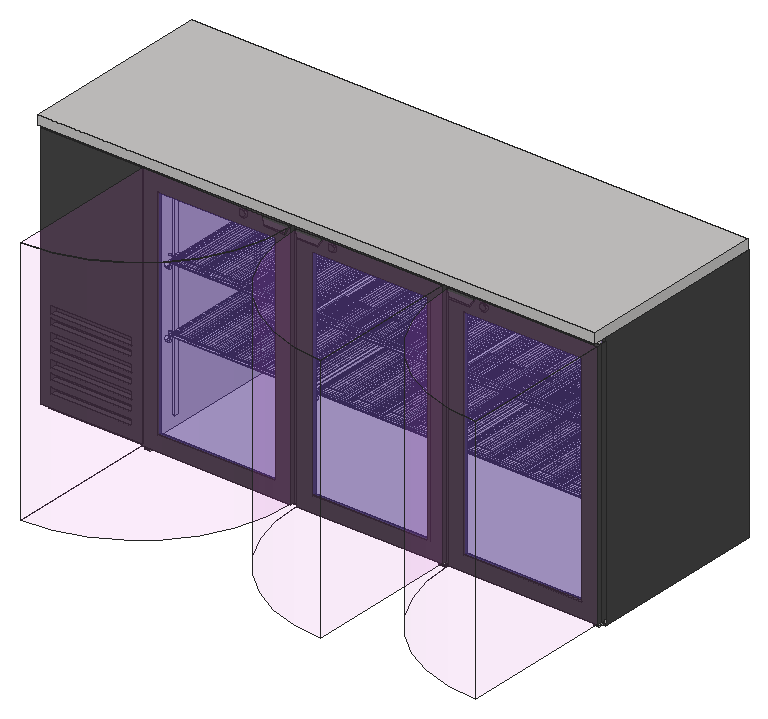
Revit family "QF_True_TBB24-72-3G-Z1-BST-S-1_Glass_Swing_Door_Back_Bar", category Specialty Equipment, Revit 2021 (continued)
Definition of nested family "TBB24-72-3G-Z1-BST-B-1"
  Automatic sketch dimensions
    curve 9 to plane 7 "Center Y" = 0.37284"
    plane 7 "Center Y" to curve 15 = 0.63781"
    curve 5 to plane 10 = 0.02167"
    plane 13 to curve 5 = 0.04608"
    curve 18 to plane 13 = 1.19595"
    curve 10 to plane 13 = 2.94502"
    curve 17 to curve 19 = 2.67214"
    curve 6 to plane 10 = 0.02167"
    plane 4 "RIGHT" to curve 6 = 0.05741"
    plane 5 "FRONT" to curve 9 = 8.9955"
    plane 5 "FRONT" to curve 10 = 9.16144"
    curve 7 to curve 5 = 0.50779"
    plane 10 to curve 4 = 0.01931"
    curve 11 to curve 11 = 15/32"
    curve 5 to curve 14 = 0.35218"
    curve 9 to curve 5 = 0.32483"
    curve 6 to curve 17 = 0.35942"
    radius of Extrusion 49 sketch curve = 0.03267"
    radius of Extrusion 50 sketch curve = 0.03267"
    radius of Extrusion 51 sketch curve = 0.03267"
    radius of Extrusion 52 sketch curve = 0.03267"
    radius of Extrusion 53 sketch curve = 0.03267"
    radius of Extrusion 54 sketch curve = 0.03267"
    radius of Extrusion 55 sketch curve = 0.03267"
    radius of Extrusion 56 sketch curve = 0.03267"
    radius of Extrusion 57 sketch curve = 0.03267"
    radius of Extrusion 58 sketch curve = 0.03267"
    radius of Extrusion 59 sketch curve = 0.03267"
    radius of Extrusion 60 sketch curve = 0.03267"
    radius of Extrusion 61 sketch curve = 0.03267"
    radius of Extrusion 62 sketch curve = 0.03267"
    radius of Extrusion 63 sketch curve = 0.03267"
    radius of Extrusion 64 sketch curve = 0.03267"
    radius of Extrusion 65 sketch curve = 0.03267"
    radius of Extrusion 66 sketch curve = 0.03267"
    radius of Extrusion 67 sketch curve = 0.03267"
    radius of Extrusion 68 sketch curve = 0.03267"
    radius of Extrusion 69 sketch curve = 0.03267"
    radius of Extrusion 70 sketch curve = 0.03267"
    radius of Extrusion 71 sketch curve = 0.03267"
    radius of Extrusion 72 sketch curve = 0.03267"
    radius of Extrusion 73 sketch curve = 0.03267"
    radius of Extrusion 74 sketch curve = 0.03267"
    radius of Extrusion 75 sketch curve = 0.03267"
    radius of Extrusion 76 sketch curve = 0.03267"
    radius of Extrusion 77 sketch curve = 0.03267"
    radius of Extrusion 78 sketch curve = 0.03267"
    radius of Extrusion 79 sketch curve = 0.03267"
    radius of Extrusion 80 sketch curve = 0.03267"
    radius of Extrusion 81 sketch curve = 0.03267"
    radius of Extrusion 82 sketch curve = 0.03267"
    radius of Extrusion 83 sketch curve = 0.03267"
    radius of Extrusion 84 sketch curve = 0.03267"
    radius of Extrusion 85 sketch curve = 0.03267"
    radius of Extrusion 86 sketch curve = 0.03267"
    radius of Extrusion 87 sketch curve = 0.03267"
    radius of Extrusion 88 sketch curve = 0.03267"
    radius of Extrusion 89 sketch curve = 0.03267"
    radius of Extrusion 90 sketch curve = 0.03267"
    radius of Extrusion 91 sketch curve = 0.03267"
    radius of Extrusion 92 sketch curve = 0.03267"
    radius of Extrusion 93 sketch curve = 0.03267"
    radius of Extrusion 94 sketch curve = 0.03267"
    radius of Extrusion 95 sketch curve = 0.03267"
    radius of Extrusion 96 sketch curve = 0.03267"
    radius of Extrusion 97 sketch curve = 0.03267"
    radius of Extrusion 98 sketch curve = 0.03267"
    radius of Extrusion 99 sketch curve = 0.03267"  (x2)
    radius of Extrusion 100 sketch curve = 0.03267"  (x2)
    radius of Extrusion 101 sketch curve = 0.03267"  (x2)
    radius of Extrusion 102 sketch curve = 0.03267"  (x2)
    radius of Extrusion 103 sketch curve = 0.03267"  (x2)
    radius of Extrusion 104 sketch curve = 0.03267"  (x2)
    radius of Extrusion 105 sketch curve = 0.03267"  (x2)
    radius of Extrusion 106 sketch curve = 0.03267"  (x2)
    radius of Extrusion 107 sketch curve = 0.03267"  (x2)
    radius of Extrusion 108 sketch curve = 0.03267"  (x2)
    radius of Extrusion 109 sketch curve = 0.03267"  (x2)
    radius of Extrusion 110 sketch curve = 0.03267"  (x2)
    radius of Extrusion 111 sketch curve = 0.03267"  (x2)
    radius of Extrusion 112 sketch curve = 0.03267"  (x2)
    radius of Extrusion 113 sketch curve = 0.03267"  (x2)
    radius of Extrusion 114 sketch curve = 0.03267"  (x2)
    radius of Extrusion 115 sketch curve = 0.03267"  (x2)
    radius of Extrusion 116 sketch curve = 0.03267"  (x2)
    radius of Extrusion 117 sketch curve = 0.03267"  (x2)
    radius of Extrusion 118 sketch curve = 0.03267"  (x2)
    radius of Extrusion 119 sketch curve = 0.03267"  (x2)
    radius of Extrusion 120 sketch curve = 0.03267"  (x2)
    radius of Extrusion 121 sketch curve = 0.03267"  (x2)
    radius of Extrusion 122 sketch curve = 0.03267"  (x2)
    radius of Extrusion 123 sketch curve = 0.03267"  (x2)
    radius of Extrusion 124 sketch curve = 0.03267"  (x2)
    radius of Extrusion 125 sketch curve = 0.03267"  (x2)
    radius of Extrusion 126 sketch curve = 0.03267"  (x2)
    radius of Extrusion 127 sketch curve = 0.03267"  (x2)
    radius of Extrusion 128 sketch curve = 0.03267"  (x2)
    radius of Extrusion 129 sketch curve = 0.03267"  (x2)
    radius of Extrusion 130 sketch curve = 0.03267"  (x2)
    radius of Extrusion 131 sketch curve = 0.03267"  (x2)
    radius of Extrusion 132 sketch curve = 0.03267"  (x2)
    radius of Extrusion 133 sketch curve = 0.03267"  (x2)
    radius of Extrusion 134 sketch curve = 0.03267"  (x2)
    radius of Extrusion 135 sketch curve = 0.03267"  (x2)
    radius of Extrusion 136 sketch curve = 0.03267"  (x2)
    radius of Extrusion 137 sketch curve = 0.03267"  (x2)
    radius of Extrusion 138 sketch curve = 0.03267"  (x2)
    radius of Extrusion 139 sketch curve = 0.03267"  (x2)
    radius of Extrusion 140 sketch curve = 0.03267"  (x2)
    radius of Extrusion 141 sketch curve = 0.03267"  (x2)
    radius of Extrusion 142 sketch curve = 0.03267"  (x2)
    radius of Extrusion 143 sketch curve = 0.03267"  (x2)
    radius of Extrusion 144 sketch curve = 0.03267"  (x2)
    radius of Extrusion 145 sketch curve = 0.03267"  (x2)
    radius of Extrusion 146 sketch curve = 0.03267"  (x2)
    radius of Extrusion 147 sketch curve = 0.03267"  (x2)
    radius of Extrusion 148 sketch curve = 0.03267"  (x2)
    radius of Extrusion 149 sketch curve = 0.03267"  (x2)
    radius of Extrusion 150 sketch curve = 0.03267"  (x2)
    radius of Extrusion 151 sketch curve = 0.03267"  (x2)
    radius of Extrusion 152 sketch curve = 0.03267"  (x2)
    radius of Extrusion 153 sketch curve = 0.03267"  (x2)
    radius of Extrusion 154 sketch curve = 0.03267"  (x2)
    radius of Extrusion 155 sketch curve = 0.03267"  (x2)
    radius of Extrusion 156 sketch curve = 0.03267"  (x2)
    radius of Extrusion 157 sketch curve = 0.03267"  (x2)
    radius of Extrusion 158 sketch curve = 0.03267"  (x2)
    radius of Extrusion 159 sketch curve = 0.03267"  (x2)
    radius of Extrusion 160 sketch curve = 0.03267"  (x2)
    radius of Extrusion 161 sketch curve = 0.03267"  (x2)
    radius of Extrusion 162 sketch curve = 0.03267"  (x2)
    radius of Extrusion 163 sketch curve = 0.03267"  (x2)
    radius of Extrusion 164 sketch curve = 0.03267"  (x2)
    radius of Extrusion 165 sketch curve = 0.03267"  (x2)
    radius of Extrusion 166 sketch curve = 0.03267"  (x2)
    radius of Extrusion 167 sketch curve = 0.03267"  (x2)
    radius of Extrusion 168 sketch curve = 0.03267"  (x2)
    radius of Extrusion 169 sketch curve = 0.03267"  (x2)
    radius of Extrusion 170 sketch curve = 0.03267"  (x2)
    radius of Extrusion 171 sketch curve = 0.03267"  (x2)
    radius of Extrusion 172 sketch curve = 0.03267"  (x2)
    radius of Extrusion 173 sketch curve = 0.03267"  (x2)
    radius of Extrusion 174 sketch curve = 0.03267"  (x2)
    radius of Extrusion 175 sketch curve = 0.03267"  (x2)
    radius of Extrusion 176 sketch curve = 0.03267"  (x2)
    radius of Extrusion 177 sketch curve = 0.03267"  (x2)
    radius of Extrusion 178 sketch curve = 0.03267"  (x2)
    radius of Extrusion 179 sketch curve = 0.03267"  (x2)
    radius of Extrusion 180 sketch curve = 0.03267"  (x2)
    radius of Extrusion 181 sketch curve = 0.03267"  (x2)
    radius of Extrusion 182 sketch curve = 0.03267"  (x2)
    radius of Extrusion 183 sketch curve = 0.03267"  (x2)
    radius of Extrusion 184 sketch curve = 0.03267"  (x2)
    radius of Extrusion 185 sketch curve = 0.03267"  (x2)
    radius of Extrusion 186 sketch curve = 0.03267"  (x2)
    radius of Extrusion 187 sketch curve = 0.03267"  (x2)
    radius of Extrusion 188 sketch curve = 0.03267"  (x2)
    radius of Extrusion 189 sketch curve = 0.03267"  (x2)
    radius of Extrusion 190 sketch curve = 0.03267"  (x2)
    radius of Extrusion 191 sketch curve = 0.03267"  (x2)
    radius of Extrusion 192 sketch curve = 0.03267"  (x2)
    radius of Extrusion 193 sketch curve = 0.03267"  (x2)
    radius of Extrusion 194 sketch curve = 0.03267"  (x2)
    radius of Extrusion 195 sketch curve = 0.03267"  (x2)
    radius of Extrusion 196 sketch curve = 0.03267"  (x2)
    radius of Extrusion 197 sketch curve = 0.03267"  (x2)
    radius of Extrusion 198 sketch curve = 0.03267"  (x2)
    radius of Extrusion 199 sketch curve = 0.03267"  (x2)
    radius of Extrusion 200 sketch curve = 0.03267"  (x2)
    radius of Extrusion 201 sketch curve = 0.03267"  (x2)
    radius of Extrusion 202 sketch curve = 0.03267"  (x2)
    radius of Extrusion 203 sketch curve = 0.03267"  (x2)
    radius of Extrusion 204 sketch curve = 0.03267"  (x2)
    radius of Extrusion 205 sketch curve = 0.03267"  (x2)
    radius of Extrusion 206 sketch curve = 0.03267"  (x2)
    radius of Extrusion 207 sketch curve = 0.03267"  (x2)
    radius of Extrusion 208 sketch curve = 0.03267"  (x2)
    radius of Extrusion 209 sketch curve = 0.03267"  (x2)
    radius of Extrusion 210 sketch curve = 0.03267"  (x2)
    radius of Extrusion 211 sketch curve = 0.03267"  (x2)
    radius of Extrusion 212 sketch curve = 0.03267"  (x2)
    radius of Extrusion 213 sketch curve = 0.03267"  (x2)
    radius of Extrusion 214 sketch curve = 0.03267"  (x2)
    radius of Extrusion 215 sketch curve = 0.03267"  (x2)
    radius of Extrusion 216 sketch curve = 0.03267"  (x2)
    radius of Extrusion 217 sketch curve = 0.03267"  (x2)
    radius of Extrusion 218 sketch curve = 0.03267"  (x2)
    radius of Extrusion 219 sketch curve = 0.03267"  (x2)
    radius of Extrusion 220 sketch curve = 0.03267"  (x2)
    radius of Extrusion 221 sketch curve = 0.03267"  (x2)
    radius of Extrusion 222 sketch curve = 0.03267"  (x2)
    radius of Extrusion 223 sketch curve = 0.03267"  (x2)
    radius of Extrusion 224 sketch curve = 0.03267"  (x2)
    radius of Extrusion 225 sketch curve = 0.03267"  (x2)
    radius of Extrusion 226 sketch curve = 0.03267"  (x2)
    radius of Extrusion 227 sketch curve = 0.03267"  (x2)
    radius of Extrusion 228 sketch curve = 0.03267"  (x2)
    radius of Extrusion 229 sketch curve = 0.03267"  (x2)
    radius of Extrusion 230 sketch curve = 0.03267"  (x2)
    radius of Extrusion 231 sketch curve = 0.03267"  (x2)
    radius of Extrusion 232 sketch curve = 0.03267"  (x2)
    radius of Extrusion 233 sketch curve = 0.03267"  (x2)
    radius of Extrusion 234 sketch curve = 0.03267"  (x2)
    radius of Extrusion 235 sketch curve = 0.03267"  (x2)
    radius of Extrusion 236 sketch curve = 0.03267"  (x2)
    radius of Extrusion 237 sketch curve = 0.03267"  (x2)
    radius of Extrusion 238 sketch curve = 0.03267"  (x2)
    radius of Extrusion 239 sketch curve = 0.03267"  (x2)
    radius of Extrusion 240 sketch curve = 0.03267"  (x2)
    radius of Extrusion 241 sketch curve = 0.03267"  (x2)
    radius of Extrusion 242 sketch curve = 0.03267"  (x2)
    radius of Extrusion 243 sketch curve = 0.03267"  (x2)
    radius of Extrusion 244 sketch curve = 0.03267"  (x2)
    radius of Extrusion 245 sketch curve = 0.03267"  (x2)
    radius of Extrusion 246 sketch curve = 0.03267"  (x2)
    radius of Extrusion 247 sketch curve = 0.03267"  (x2)
    radius of Extrusion 248 sketch curve = 0.03267"  (x2)
    radius of Extrusion 249 sketch curve = 0.03267"  (x2)
    radius of Extrusion 250 sketch curve = 0.03267"
    radius of Extrusion 299 sketch curve = 0.03267"  (x3)
    radius of Extrusion 300 sketch curve = 0.03267"  (x2)
    radius of Extrusion 348 sketch curve = 0.03267"  (x2)
    radius of Extrusion 251 sketch curve = 0.03267"
    radius of Extrusion 301 sketch curve = 0.03267"  (x2)
    radius of Extrusion 252 sketch curve = 0.03267"
    radius of Extrusion 302 sketch curve = 0.03267"  (x2)
    radius of Extrusion 253 sketch curve = 0.03267"
    radius of Extrusion 303 sketch curve = 0.03267"  (x2)
    radius of Extrusion 254 sketch curve = 0.03267"
    radius of Extrusion 304 sketch curve = 0.03267"  (x2)
    radius of Extrusion 255 sketch curve = 0.03267"
    radius of Extrusion 305 sketch curve = 0.03267"  (x2)
    radius of Extrusion 256 sketch curve = 0.03267"
    radius of Extrusion 306 sketch curve = 0.03267"  (x2)
    radius of Extrusion 257 sketch curve = 0.03267"
    radius of Extrusion 307 sketch curve = 0.03267"  (x2)
    radius of Extrusion 258 sketch curve = 0.03267"
    radius of Extrusion 308 sketch curve = 0.03267"  (x2)
    radius of Extrusion 259 sketch curve = 0.03267"
    radius of Extrusion 309 sketch curve = 0.03267"  (x2)
    radius of Extrusion 260 sketch curve = 0.03267"
    radius of Extrusion 310 sketch curve = 0.03267"  (x2)
    radius of Extrusion 261 sketch curve = 0.03267"
    radius of Extrusion 311 sketch curve = 0.03267"  (x2)
    radius of Extrusion 262 sketch curve = 0.03267"
    radius of Extrusion 312 sketch curve = 0.03267"  (x2)
    radius of Extrusion 263 sketch curve = 0.03267"
    radius of Extrusion 313 sketch curve = 0.03267"  (x2)
    radius of Extrusion 264 sketch curve = 0.03267"
    radius of Extrusion 314 sketch curve = 0.03267"  (x2)
    radius of Extrusion 265 sketch curve = 0.03267"
    radius of Extrusion 315 sketch curve = 0.03267"  (x2)
    radius of Extrusion 266 sketch curve = 0.03267"
    radius of Extrusion 316 sketch curve = 0.03267"  (x2)
    radius of Extrusion 267 sketch curve = 0.03267"
    radius of Extrusion 317 sketch curve = 0.03267"  (x2)
    radius of Extrusion 268 sketch curve = 0.03267"
    radius of Extrusion 318 sketch curve = 0.03267"  (x2)
    radius of Extrusion 269 sketch curve = 0.03267"
    radius of Extrusion 319 sketch curve = 0.03267"  (x2)
    radius of Extrusion 270 sketch curve = 0.03267"
    radius of Extrusion 320 sketch curve = 0.03267"  (x2)
    radius of Extrusion 271 sketch curve = 0.03267"
    radius of Extrusion 321 sketch curve = 0.03267"  (x2)
    radius of Extrusion 272 sketch curve = 0.03267"
    radius of Extrusion 322 sketch curve = 0.03267"  (x2)
    radius of Extrusion 273 sketch curve = 0.03267"
    radius of Extrusion 323 sketch curve = 0.03267"  (x2)
    radius of Extrusion 274 sketch curve = 0.03267"
    radius of Extrusion 324 sketch curve = 0.03267"  (x2)
    radius of Extrusion 275 sketch curve = 0.03267"
    radius of Extrusion 325 sketch curve = 0.03267"  (x2)
    radius of Extrusion 276 sketch curve = 0.03267"
    radius of Extrusion 326 sketch curve = 0.03267"  (x2)
    radius of Extrusion 277 sketch curve = 0.03267"
    radius of Extrusion 327 sketch curve = 0.03267"  (x2)
    radius of Extrusion 278 sketch curve = 0.03267"
    radius of Extrusion 328 sketch curve = 0.03267"  (x2)
    radius of Extrusion 279 sketch curve = 0.03267"
    radius of Extrusion 329 sketch curve = 0.03267"  (x2)
    radius of Extrusion 280 sketch curve = 0.03267"
    radius of Extrusion 330 sketch curve = 0.03267"  (x2)
    radius of Extrusion 281 sketch curve = 0.03267"
    radius of Extrusion 331 sketch curve = 0.03267"  (x2)
    radius of Extrusion 282 sketch curve = 0.03267"
    radius of Extrusion 332 sketch curve = 0.03267"  (x2)
    radius of Extrusion 283 sketch curve = 0.03267"
    radius of Extrusion 333 sketch curve = 0.03267"  (x2)
    radius of Extrusion 284 sketch curve = 0.03267"
    radius of Extrusion 334 sketch curve = 0.03267"  (x2)
    radius of Extrusion 285 sketch curve = 0.03267"
    radius of Extrusion 335 sketch curve = 0.03267"  (x2)
    radius of Extrusion 286 sketch curve = 0.03267"
    radius of Extrusion 336 sketch curve = 0.03267"  (x2)
    radius of Extrusion 287 sketch curve = 0.03267"
    radius of Extrusion 337 sketch curve = 0.03267"  (x2)
    radius of Extrusion 288 sketch curve = 0.03267"
    radius of Extrusion 338 sketch curve = 0.03267"  (x2)
    radius of Extrusion 289 sketch curve = 0.03267"
    radius of Extrusion 339 sketch curve = 0.03267"  (x2)
    radius of Extrusion 290 sketch curve = 0.03267"
    radius of Extrusion 340 sketch curve = 0.03267"  (x2)
    radius of Extrusion 291 sketch curve = 0.03267"
    radius of Extrusion 341 sketch curve = 0.03267"  (x2)
    radius of Extrusion 292 sketch curve = 0.03267"
    radius of Extrusion 342 sketch curve = 0.03267"  (x2)
    radius of Extrusion 293 sketch curve = 0.03267"
    radius of Extrusion 343 sketch curve = 0.03267"  (x2)
    radius of Extrusion 294 sketch curve = 0.03267"
    radius of Extrusion 344 sketch curve = 0.03267"  (x2)
    radius of Extrusion 295 sketch curve = 0.03267"
    radius of Extrusion 345 sketch curve = 0.03267"  (x2)
    radius of Extrusion 296 sketch curve = 0.03267"
    radius of Extrusion 346 sketch curve = 0.03267"  (x2)
    radius of Extrusion 297 sketch curve = 0.03267"
    radius of Extrusion 347 sketch curve = 0.03267"  (x2)
    radius of Extrusion 298 sketch curve = 0.03267"
    radius of Extrusion 7 sketch curve = 1/2"
    radius of Blend 12 sketch curve = 1/2"
    radius of Blend 12 sketch curve = 0.39938"
    radius of Blend 13 sketch curve = 1/2"
    radius of Blend 13 sketch curve = 0.39938"
    radius of Extrusion 16 sketch curve = 1/4"  (x3)
    radius of Extrusion 17 sketch curve = 1/4"  (x3)
    radius of Sweep 20 sketch curve = 0.14183"
    radius of Sweep 33 sketch curve = 0.14183"
    radius of Extrusion 34 sketch curve = 0.05462"
    radius of Extrusion 35 sketch curve = 0.05462"
    radius of Extrusion 36 sketch curve = 0.05462"
    radius of Extrusion 37 sketch curve = 0.05462"
    radius of Sweep 42 sketch curve = 0.14183"
    radius of Sweep 43 sketch curve = 0.14183"
    radius of Sweep 44 sketch curve = 0.14183"
    radius of Sweep 45 sketch curve = 0.14183"
    radius of Extrusion 47 sketch curve = 0.05462"
    radius of Extrusion 48 sketch curve = 0.05462"
    radius of Blend 350 sketch curve = 1/2"
    radius of Blend 350 sketch curve = 0.39938"
Definition of nested family "Family3"
  Parameters (values of type "Family3")
    Weight in Pounds = 0
    URL Cutsheet = ""
    Specification by User = ""
    Specification by Manufacturer = ""
    Show Seismic Flanged [instance] = yes
    Show 6" Legs [instance] = yes
    Show 5" Casters [instance] = yes
    Show 4" Casters [instance] = yes
    Show 3" Casters [instance] = yes
    Show 2" Casters [instance] = yes
    Serial Number = ""
    Seismic Rating = ""
    SMACNA No = ""
    Revision Code = ""
    NAFEM Spec ID Number = ""
    Masterspec = ""
    Length = 0"
    Item Number = ""
    Installed By = ""
    Identify Quantity as Lot = yes
    Height = 0"
    Furnished By = ""
    Foodservice Equipment Identifier = yes
    Depth = 0"
    Default Elevation = 0"
    CSI MasterFormat = ""
  Reference planes (in)
    plane 1 "BACK": y = 0
    plane 2: z = 0
    plane 3 "LEFT": x = 0
    plane 4 "RIGHT": x = 0
    plane 5 "FRONT": y = 0
    plane 6 "TOP": z = 0
    plane 7 "Center Y": x = 0
    plane 8 "Center X": y = 0
  Dimensions and locks (in)
    equal spacing: plane 3 "LEFT", plane 7 "Center Y", plane 4 "RIGHT"
    "Length": plane 3 "LEFT" to plane 4 "RIGHT"
    equal spacing: plane 5 "FRONT", plane 8 "Center X", plane 1 "BACK"
    "Depth": plane 5 "FRONT" to plane 1 "BACK"
    "Height": plane 6 "TOP" to level
    aligned and locked: level to plane 2
  Nested families (in)
    nested 1: "2 INCHES_CASTER" at (0, 0, 0), 2 Inches Caster <- "Show 2" Casters", type "2 INCHES_CASTER"
      with Type Mark "", Specification by User "", Revision Code "", Item Number "", Installed By "", Identify Quantity as Lot yes, Furnished By "", Foodservice Equipment Identifier yes, 2 Inches Caster yes
    nested 2: "3 INCHES 01_CASTER" at (0, 0, 0), 3 Inches Caster <- "Show 3" Casters", type "3 INCHES 01_CASTER"
      with Type Mark "", Specification by User "", Revision Code "", Item Number "", Installed By "", Identify Quantity as Lot yes, Furnished By "", Foodservice Equipment Identifier yes, 3 Inches Caster yes
    nested 3: "4 INCHES_CASTER" at (0, 0, 0), Show 4 Inches Casters <- "Show 4" Casters", type "4 INCHES_CASTER"
      with Type Mark "", Specification by User "", Show 4 Inches Casters yes, Revision Code "", Item Number "", Installed By "", Identify Quantity as Lot yes, Furnished By "", Foodservice Equipment Identifier yes
    nested 4: "5 INCHES 01_CASTER 2" at (0, 0, 0), Show 5" Casters <- "Show 5" Casters", type "5 INCHES 01_CASTER 2"
      with Type Mark "", Specification by User "", Show 5" Casters yes, Revision Code "", Key Locks no, Item Number "", Installed By "", Identify Quantity as Lot yes, Furnished By "", Foodservice Equipment Identifier yes
    nested 5: "6 INCHES LEGS" at (0, 0, 0), Show 6" Legs <- "Show 6" Legs", type "6 INCHES LEGS"
      with Type Mark "", Status "", Specification by User "", Show Seismic Flanged no, Show 6" Legs yes, Revision Code "", Item Number "", Installed By "", Identify Quantity as Lot yes, Furnished By "", Foodservice Equipment Identifier yes
    nested 6: "6 INCHES LEGS WITH FLANGED" at (0, 0, 0), visible <- "Show Seismic Flanged", Show 6" Seismic Flanged <- "Show Seismic Flanged", type "6 INCHES LEGS WITH FLANGED"
      with Type Mark "", Status "", Specification by User "", Revision Code "", Item Number "", Installed By "", Identify Quantity as Lot yes, Furnished By "", Foodservice Equipment Identifier yes
  Definition of nested family "2 INCHES_CASTER"
    Parameters (values of type "2 INCHES_CASTER")
      Weight = ""
      URL Manufacturer = ""
      URL Cutsheet = ""
      URL = ""
      Type Mark [instance] = ""
      Specification by User [instance] = ""
      Specification by Manufacturer = ""
      Serial Number = ""
      Seismic Rating = ""
      SMACNA No = ""
      Revision Code [instance] = ""
      Omniclass Number and Title = ""
      NAFEM Spec ID Number = ""
      Model = ""
      MasterSpec. = ""
      Manufacturer = ""
      Item Number [instance] = ""
      Installed By [instance] = ""
      Identify Quantity as Lot [instance] = yes
      Furnished By [instance] = ""
      Foodservice Equipment Identifier [instance] = yes
      Description = ""
      Default Elevation = 0"
      CSI MasterFormat = ""
      CSI Master Format = ""
      Assembly Code = ""
      2 Inches Caster [instance] = yes
    Reference planes (in)
      plane 1: z = 0
      plane 2 "RIGHT": x = 0
      plane 3 "FRONT": y = 0
      plane 4 "TOP": z = 2
    Forms (in)
      Revolve 1, solid, visible <- "2 Inches Caster"
        sketch origin (-1.93794, 0.46818, -1.0041) x (1, 0, 0) y (0, 0, 1)
          loop
            line (0.74055, 1.86347) -> (0.74055, 1.78797) -> (0.79055, 1.73797) -> (0.85055, 1.73797) -> (0.85055, 1.6179) -> (1.235, 1.6179) -> (1.235, 1.55055) -> (1.38673, 1.46295) -> (1.4003, 1.3791) -> (1.34375, 1.3791) -> (1.34375, 1.2541) -> (1.375, 1.2541) -> (1.375, 1.0041) -> (2.48438, 1.0041) -> (2.48438, 1.2541) -> (2.51563, 1.2541) -> (2.51563, 1.3791) -> (2.45908, 1.3791) -> (2.47322, 1.46647) -> (2.62438, 1.55374) -> (2.62438, 1.6179) -> (3.04007, 1.6179) -> (3.04007, 1.73797) -> (3.10007, 1.73797) -> (3.15007, 1.78797) -> (3.15007, 1.86347) -> (0.74055, 1.86347)
          axis (0.74055, 1.86347) -> (3.15007, 1.86347)
        angle from 0 to 360
      Extrusion 2, solid, visible <- "2 Inches Caster"
        sketch origin (-1.93794, 1.43296, -3.41527) x (0, 1, 0) y (0, 0, 1)
          loop
            line (-0.64294, 5.3791) -> (-2.21294, 5.3791) -> (-2.21294, 5.24769) -> (-1.37414, 5.24769)
            arc (-1.37414, 5.24769) -> (-0.62115, 5.15851) -> (0.05138, 4.80832) r 2.10495
            line (0.05138, 4.80832) -> (0.12713, 4.91318)
            arc (0.12713, 4.91318) -> (-0.07255, 5.06376) -> (-0.29048, 5.18644) r 1.8753
            line (-0.29048, 5.18644) -> (-0.22239, 5.30423)
            arc (-0.22239, 5.30423) -> (-0.42936, 5.36024) -> (-0.64294, 5.3791) r 1.21859
        from 1.17357 to 2.70231
      Revolve 3, solid, visible <- "2 Inches Caster"
        sketch origin (0, 1.73858, -3.75) x (0, 1, 0) y (0, 0, 1)
          loop
            line (-1.73858, 5.71382) -> (-1.05793, 5.71382) -> (-1.05793, 5.75) -> (-1.73858, 5.75) -> (-1.73858, 5.71382)
          axis (-1.73858, 5.71382) -> (-1.73858, 5.75319)
        angle from 0 to 360
      Extrusion 4, solid, visible <- "2 Inches Caster"
        sketch origin (-1.98481, 1.43296, -1.7541) x (0, 1, 0) y (0, 0, 1)
          loop
            line (-2.21294, 3.71792) -> (-2.21294, 3.58652) -> (-1.94904, 3.58652)
            arc (-1.94904, 3.58652) -> (-1.56115, 3.28048) -> (-1.39241, 2.81612) r 0.90292
            arc (-1.39241, 2.81612) -> (-1.36136, 2.62044) -> (-1.29729, 2.43295) r 1.15385
            arc (-1.29729, 2.43295) -> (-0.94802, 2.21237) -> (-0.6121, 2.45278) r 0.37001
            arc (-0.6121, 2.45278) -> (-0.59625, 2.50123) -> (-0.58446, 2.55082) r 0.61695
            arc (-0.58446, 2.55082) -> (-0.36134, 2.95548) -> (0.05609, 3.15367) r 0.75313
            line (0.05609, 3.15367) -> (0.12713, 3.252)
            arc (0.12713, 3.252) -> (-0.07255, 3.40259) -> (-0.29048, 3.52526) r 1.8753
            line (-0.29048, 3.52526) -> (-0.22239, 3.64306)
            arc (-0.22239, 3.64306) -> (-0.42936, 3.69906) -> (-0.64294, 3.71792) r 1.21859
            line (-0.64294, 3.71792) -> (-2.21294, 3.71792)
        from 2.74918 to 2.90825
      Extrusion 5, solid, visible <- "2 Inches Caster"
        sketch origin (1.98481, 1.43296, -1.7541) x (0, 1, 0) y (0, 0, -1)
          loop
            arc (-0.58446, -2.55082) -> (-0.59625, -2.50123) -> (-0.6121, -2.45278) r 0.61695
            arc (-0.6121, -2.45278) -> (-0.94802, -2.21237) -> (-1.29729, -2.43295) r 0.37001
            arc (-1.29729, -2.43295) -> (-1.36136, -2.62044) -> (-1.39241, -2.81612) r 1.15385
            arc (-1.39241, -2.81612) -> (-1.56115, -3.28048) -> (-1.94904, -3.58652) r 0.90292
            line (-1.94904, -3.58652) -> (-2.21294, -3.58652) -> (-2.21294, -3.71792) -> (-0.64294, -3.71792)
            arc (-0.64294, -3.71792) -> (-0.42936, -3.69906) -> (-0.22239, -3.64306) r 1.21859
            line (-0.22239, -3.64306) -> (-0.29048, -3.52526)
            arc (-0.29048, -3.52526) -> (-0.07255, -3.40259) -> (0.12713, -3.252) r 1.8753
            line (0.12713, -3.252) -> (0.05609, -3.15367)
            arc (0.05609, -3.15367) -> (-0.36134, -2.95548) -> (-0.58446, -2.55082) r 0.75313
        from 2.74918 to 2.90825
    Cuts and joins
      joined: Revolve 1, Extrusion 4, Extrusion 5
    Lines and regions (in)
      symbolic lines, visible <- "2 Inches Caster"
        curve 1: line (0.10651, 1.59133, 0) -> (0.80944, 1.1855, 0)
        curve 2: line (-0.89349, -0.14072, 0) -> (0.10651, 1.59133, 0)
        curve 3: line (-0.19056, -0.54656, 0) -> (-0.89349, -0.14072, 0)
        curve 4: line (0.80944, 1.1855, 0) -> (-0.19056, -0.54656, 0)
    Dimensions and locks (in)
      plane 4 "TOP" to level = 2"  (x2)
      aligned and locked: level to plane 1
  Definition of nested family "3 INCHES 01_CASTER"
    Parameters (values of type "3 INCHES 01_CASTER")
      Weight = ""
      URL Manufacturer = ""
      URL Cutsheet = ""
      URL = ""
      Type Mark [instance] = ""
      Specification by User [instance] = ""
      Specification by Manufacturer = ""
      Serial Number = ""
      Seismic Rating = ""
      SMACNA No = ""
      Revision Code [instance] = ""
      Omniclass Number and Title = ""
      NAFEM Spec ID Number = ""
      Model = ""
      MasterSpec. = ""
      Manufacturer = ""
      Item Number [instance] = ""
      Installed By [instance] = ""
      Identify Quantity as Lot [instance] = yes
      Furnished By [instance] = ""
      Foodservice Equipment Identifier [instance] = yes
      Description = ""
      Default Elevation = 0"
      CSI MasterFormat = ""
      CSI Master Format = ""
      Assembly Code = ""
      3 Inches Caster [instance] = yes
    Reference planes (in)
      plane 1: z = 0
      plane 2 "RIGHT": x = 0
      plane 3 "FRONT": y = 0
      plane 4 "TOP": z = 3
    Forms (in)
      Revolve 1, solid, visible <- "3 Inches Caster"
        sketch origin (-1.93794, 0.56004, -1.0041) x (1, 0, 0) y (0, 0, 1)
          loop
            line (0.74055, 2.11347) -> (0.74055, 2.03797) -> (0.79055, 1.98797) -> (0.85055, 1.98797) -> (0.85055, 1.8679) -> (1.235, 1.8679) -> (1.235, 1.7068) -> (1.36441, 1.63209) -> (1.4003, 1.41035) -> (1.34375, 1.41035) -> (1.34375, 1.28535) -> (1.375, 1.28535) -> (1.375, 1.0041) -> (2.48438, 1.0041) -> (2.48438, 1.28535) -> (2.51563, 1.28535) -> (2.51563, 1.41035) -> (2.45908, 1.41035) -> (2.49553, 1.6356) -> (2.62438, 1.70999) -> (2.62438, 1.8679) -> (3.04007, 1.8679) -> (3.04007, 1.98797) -> (3.10007, 1.98797) -> (3.15007, 2.03797) -> (3.15007, 2.11347) -> (0.74055, 2.11347)
          axis (0.74055, 2.11347) -> (3.15007, 2.11347)
        angle from 0 to 360
      Extrusion 2, solid, visible <- "3 Inches Caster"
        sketch origin (-1.93794, 1.35294, -3.2541) x (0, 1, 0) y (0, 0, 1)
          loop
            line (-0.41094, 5.86793) -> (-0.41094, 6.01276) -> (-2.29494, 6.01276) -> (-2.29494, 5.71244) -> (-1.82301, 5.71244)
            arc (-1.82301, 5.71244) -> (-1.00307, 5.59865) -> (-0.19592, 5.41488) r 9.6332
            arc (-0.19592, 5.41488) -> (0.12646, 5.29481) -> (0.42224, 5.11916) r 1.92059
            line (0.42224, 5.11916) -> (0.51314, 5.245)
            arc (0.51314, 5.245) -> (0.27353, 5.42569) -> (0.01201, 5.5729) r 2.25036
            line (0.01201, 5.5729) -> (0.09371, 5.71426)
            arc (0.09371, 5.71426) -> (-0.15272, 5.81043) -> (-0.41094, 5.86793) r 1.73151
        from 1.17357 to 2.70231
      Revolve 3, solid, visible <- "3 Inches Caster"
        sketch origin (0, 1.73858, -3.25) x (0, 1, 0) y (0, 0, 1)
          loop
            line (-1.73858, 6.25) -> (-1.73858, 6.00866) -> (-0.93293, 6.00866) -> (-0.93293, 6.25) -> (-1.73858, 6.25)
          axis (-1.73858, 6.00866) -> (-1.73858, 6.25)
        angle from 0 to 360
      Extrusion 4, solid, visible <- "3 Inches Caster"
        sketch origin (-1.98481, 1.35294, -1.7541) x (0, 1, 0) y (0, 0, 1)
          loop
            line (-2.29494, 4.51276) -> (-2.29494, 4.21244) -> (-2.2074, 4.21244)
            arc (-2.2074, 4.21244) -> (-1.58796, 3.87196) -> (-1.3103, 3.22193) r 1.0835
            arc (-1.3103, 3.22193) -> (-1.27304, 2.98711) -> (-1.19616, 2.76214) r 1.38462
            arc (-1.19616, 2.76214) -> (-0.77704, 2.49744) -> (-0.37393, 2.78593) r 0.44401
            arc (-0.37393, 2.78593) -> (-0.35491, 2.84407) -> (-0.34077, 2.90358) r 0.74034
            arc (-0.34077, 2.90358) -> (-0.07302, 3.38916) -> (0.4279, 3.62699) r 0.90376
            line (0.4279, 3.62699) -> (0.51314, 3.745)
            arc (0.51314, 3.745) -> (0.27353, 3.92569) -> (0.01201, 4.0729) r 2.25036
            line (0.01201, 4.0729) -> (0.09371, 4.21426)
            arc (0.09371, 4.21426) -> (-0.15272, 4.31043) -> (-0.41094, 4.36793) r 1.73151
            line (-0.41094, 4.36793) -> (-0.41094, 4.51276) -> (-2.29494, 4.51276)
        from 2.74918 to 2.90825
      Extrusion 5, solid, visible <- "3 Inches Caster"
        sketch origin (1.98481, 1.35294, -1.7541) x (0, 1, 0) y (0, 0, -1)
          loop
            line (-2.29494, -4.51276) -> (-0.41094, -4.51276) -> (-0.41094, -4.36793)
            arc (-0.41094, -4.36793) -> (-0.15272, -4.31043) -> (0.09371, -4.21426) r 1.73151
            line (0.09371, -4.21426) -> (0.01201, -4.0729)
            arc (0.01201, -4.0729) -> (0.27353, -3.92569) -> (0.51314, -3.745) r 2.25036
            line (0.51314, -3.745) -> (0.4279, -3.62699)
            arc (0.4279, -3.62699) -> (-0.07302, -3.38916) -> (-0.34077, -2.90358) r 0.90376
            arc (-0.34077, -2.90358) -> (-0.35491, -2.84407) -> (-0.37393, -2.78593) r 0.74034
            arc (-0.37393, -2.78593) -> (-0.77704, -2.49744) -> (-1.19616, -2.76214) r 0.44401
            arc (-1.19616, -2.76214) -> (-1.27304, -2.98711) -> (-1.3103, -3.22193) r 1.38462
            arc (-1.3103, -3.22193) -> (-1.58796, -3.87196) -> (-2.2074, -4.21244) r 1.0835
            line (-2.2074, -4.21244) -> (-2.29494, -4.21244) -> (-2.29494, -4.51276)
        from 2.74918 to 2.90825
    Cuts and joins
      joined: Extrusion 2, Extrusion 4, Extrusion 5
    Lines and regions (in)
      symbolic lines, visible <- "3 Inches Caster"
        curve 1: line (0.1877, 1.65194, 0) -> (0.89063, 1.2461, 0)
        curve 2: line (-1.00175, -0.40823, 0) -> (0.1877, 1.65194, 0)
        curve 3: line (-0.29881, -0.81407, 0) -> (-1.00175, -0.40823, 0)
        curve 4: line (0.89063, 1.2461, 0) -> (-0.29881, -0.81407, 0)
    Dimensions and locks (in)
      plane 4 "TOP" to level = 3"  (x2)
      aligned and locked: level to plane 1
  Definition of nested family "4 INCHES_CASTER"
    Parameters (values of type "4 INCHES_CASTER")
      Weight = ""
      URL Manufacturer = ""
      URL Cutsheet = ""
      URL = ""
      Type Mark [instance] = ""
      Specification by User [instance] = ""
      Specification by Manufacturer = ""
      Show 4 Inches Casters [instance] = yes
      Serial Number = ""
      Seismic Rating = ""
      SMACNA No = ""
      Revision Code [instance] = ""
      Omniclass Number and Title = ""
      NAFEM Spec ID Number = ""
      Model = ""
      MasterSpec. = ""
      Manufacturer = ""
      Item Number [instance] = ""
      Installed By [instance] = ""
      Identify Quantity as Lot [instance] = yes
      Furnished By [instance] = ""
      Foodservice Equipment Identifier [instance] = yes
      Description = ""
      Default Elevation = 0"
      CSI MasterFormat = ""
      CSI Master Format = ""
      Assembly Code = ""
    Reference planes (in)
      plane 1: z = 0
      plane 2 "RIGHT": x = 0
      plane 3 "FRONT": y = 0
      plane 4 "TOP": z = 4
    Forms (in)
      Revolve 1, solid, visible <- "Show 4 Inches Casters"
        sketch origin (-1.93794, 0.83816, -1.0041) x (1, 0, 0) y (0, 0, 1)
          loop
            line (0.74055, 2.5041) -> (3.15007, 2.5041) -> (3.15007, 2.5796) -> (3.10007, 2.6296) -> (3.04007, 2.6296) -> (3.04007, 2.74967) -> (2.62438, 2.74967) -> (2.62438, 2.93884) -> (2.48438, 3.01967) -> (2.45908, 3.17597) -> (2.51563, 3.17597) -> (2.51563, 3.41035) -> (2.48438, 3.41035) -> (2.48438, 4.0041) -> (1.375, 4.0041) -> (1.375, 3.41035) -> (1.34375, 3.41035) -> (1.34375, 3.17597) -> (1.4003, 3.17597) -> (1.37557, 3.02318) -> (1.235, 2.94202) -> (1.235, 2.74967) -> (0.85055, 2.74967) -> (0.85055, 2.6296) -> (0.79055, 2.6296) -> (0.74055, 2.5796) -> (0.74055, 2.5041)
          axis (0.74055, 2.5041) -> (3.15007, 2.5041)
        angle from 0 to 360
      Extrusion 2, solid, visible <- "Show 4 Inches Casters"
        sketch origin (-1.93794, 1.80294, -1.7541) x (0, 1, 0) y (0, 0, 1)
          loop
            line (-3.08794, 5.33423) -> (-3.08794, 5.00584) -> (-2.69466, 5.00584)
            arc (-2.69466, 5.00584) -> (-1.57175, 4.94895) -> (-0.46376, 4.75787) r 9.36411
            arc (-0.46376, 4.75787) -> (-0.05889, 4.58436) -> (0.28335, 4.30705) r 1.60049
            line (0.28335, 4.30705) -> (0.34449, 4.39437)
            arc (0.34449, 4.39437) -> (0.12713, 4.6163) -> (-0.1239, 4.79931) r 1.8753
            line (-0.1239, 4.79931) -> (-0.05749, 4.91421)
            arc (-0.05749, 4.91421) -> (-0.33807, 5.05694) -> (-0.64294, 5.13542) r 1.44292
            line (-0.64294, 5.13542) -> (-0.64294, 5.33423) -> (-3.08794, 5.33423)
        from 1.1267 to 2.74918
      Revolve 3, solid, visible <- "Show 4 Inches Casters"
        sketch origin (0, 2.15543, -2.25) x (0, 1, 0) y (0, 0, 1)
          loop
            line (-2.21793, 6.25) -> (-2.21793, 5.83014) -> (-1.05793, 5.83014) -> (-1.05793, 6.25) -> (-2.21793, 6.25)
          axis (-2.21793, 5.83014) -> (-2.21793, 6.25)
        angle from 0 to 360
      Extrusion 4, solid, visible <- "Show 4 Inches Casters"
        sketch origin (-1.93794, 1.80294, -1.7541) x (0, 1, 0) y (0, 0, 1)
          loop
            line (-3.08794, 5.33423) -> (-3.08794, 5.00584) -> (-2.8913, 5.00584)
            arc (-2.8913, 5.00584) -> (-2.09118, 4.14057) -> (-1.45681, 3.14736) r 6.63355
            arc (-1.45681, 3.14736) -> (-0.85703, 2.75969) -> (-0.4561, 3.35069) r 0.5107
            arc (-0.4561, 3.35069) -> (-0.27092, 3.92503) -> (0.24034, 4.24562) r 0.88136
            line (0.24034, 4.24562) -> (0.34449, 4.39437)
            arc (0.34449, 4.39437) -> (0.12713, 4.6163) -> (-0.1239, 4.79931) r 1.8753
            line (-0.1239, 4.79931) -> (-0.05749, 4.91421)
            arc (-0.05749, 4.91421) -> (-0.33807, 5.05694) -> (-0.64294, 5.13542) r 1.44292
            line (-0.64294, 5.13542) -> (-0.64294, 5.33423) -> (-3.08794, 5.33423)
        from 2.74918 to 2.90825
      Extrusion 5, solid, visible <- "Show 4 Inches Casters"
        sketch origin (1.93794, 1.80294, -1.7541) x (0, 1, 0) y (0, 0, -1)
          loop
            line (-3.08794, -5.33423) -> (-0.64294, -5.33423) -> (-0.64294, -5.13542)
            arc (-0.64294, -5.13542) -> (-0.33807, -5.05694) -> (-0.05749, -4.91421) r 1.44292
            line (-0.05749, -4.91421) -> (-0.1239, -4.79931)
            arc (-0.1239, -4.79931) -> (0.12713, -4.6163) -> (0.34449, -4.39437) r 1.8753
            line (0.34449, -4.39437) -> (0.24034, -4.24562)
            arc (0.24034, -4.24562) -> (-0.27092, -3.92503) -> (-0.4561, -3.35069) r 0.88136
            arc (-0.4561, -3.35069) -> (-0.85703, -2.75969) -> (-1.45681, -3.14736) r 0.5107
            arc (-1.45681, -3.14736) -> (-2.09118, -4.14057) -> (-2.8913, -5.00584) r 6.63355
            line (-2.8913, -5.00584) -> (-3.08794, -5.00584) -> (-3.08794, -5.33423)
        from 2.74918 to 2.90825
    Cuts and joins
      joined: Extrusion 2, Extrusion 4, Extrusion 5
    Lines and regions (in)
      symbolic lines, visible <- "Show 4 Inches Casters"
        curve 1: line (0.28481, 1.83041, 0) -> (1.24556, 1.27572, 0)
        curve 2: line (-1.26206, -0.84886, 0) -> (0.28481, 1.83041, 0)
        curve 3: line (-0.30132, -1.40355, 0) -> (-1.26206, -0.84886, 0)
        curve 4: line (1.24556, 1.27572, 0) -> (-0.30132, -1.40355, 0)
    Dimensions and locks (in)
      plane 4 "TOP" to level = 4"  (x2)
      aligned and locked: level to plane 1
  Definition of nested family "5 INCHES 01_CASTER 2"
    Parameters (values of type "5 INCHES 01_CASTER 2")
      Weight = ""
      URL Manufacturer = ""
      URL Cutsheet = ""
      URL = ""
      Type Mark [instance] = ""
      Specification by User [instance] = ""
      Specification by Manufacturer = ""
      Show 5" Casters [instance] = yes
      Serial Number = ""
      Seismic Rating = ""
      SMACNA No = ""
      Revision Code [instance] = ""
      Omniclass Number and Title = ""
      NAFEM Spec ID Number = ""
      Model = ""
      MasterSpec. = ""
      Manufacturer = ""
      Key Locks [instance] = yes
      Item Number [instance] = ""
      Installed By [instance] = ""
      Identify Quantity as Lot [instance] = yes
      Furnished By [instance] = ""
      Foodservice Equipment Identifier [instance] = yes
      Description = ""
      Default Elevation = 0"
      CSI MasterFormat = ""
      CSI Master Format = ""
      Assembly Code = ""
    Reference planes (in)
      plane 1: z = 0
      plane 2 "RIGHT": x = 0
      plane 3 "FRONT": y = 0
      plane 4 "TOP": z = 5
    Forms (in)
      Revolve 1, solid, visible <- "Show 5" Casters"
        sketch origin (-1.93794, 0.99859, -1.0041) x (1, 0, 0) y (0, 0, 1)
          loop
            line (0.74055, 3.0041) -> (0.74055, 2.9286) -> (0.79055, 2.8786) -> (0.85055, 2.8786) -> (0.85055, 2.75852) -> (1.235, 2.75852) -> (1.235, 2.56618) -> (1.37557, 2.48502) -> (1.49133, 1.76972) -> (1.34375, 1.76972) -> (1.34375, 1.53535) -> (1.375, 1.53535) -> (1.375, 1.0041) -> (2.48438, 1.0041) -> (2.48438, 1.53535) -> (2.51563, 1.53535) -> (2.51563, 1.76972) -> (2.36805, 1.76972) -> (2.48438, 2.48853) -> (2.62438, 2.56936) -> (2.62438, 2.75852) -> (3.04007, 2.75852) -> (3.04007, 2.8786) -> (3.10007, 2.8786) -> (3.15007, 2.9286) -> (3.15007, 3.0041) -> (0.74055, 3.0041)
          axis (0.74055, 3.0041) -> (3.15007, 3.0041)
        angle from 0 to 360
      Extrusion 2, solid, visible <- "Show 5" Casters"
        sketch origin (-1.93794, 1.96337, -0.7541) x (0, 1, 0) y (0, 0, 1)
          loop
            line (-3.37739, 5.33423) -> (-3.37739, 4.92712) -> (-2.49294, 4.92712)
            arc (-2.49294, 4.92712) -> (-1.47209, 4.91752) -> (-0.46376, 4.75787) r 6.92153
            arc (-0.46376, 4.75787) -> (0.14199, 4.53396) -> (0.67481, 4.16904) r 2.62713
            line (0.67481, 4.16904) -> (0.7876, 4.33012)
            arc (0.7876, 4.33012) -> (0.48098, 4.5674) -> (0.13288, 4.73811) r 1.91675
            line (0.13288, 4.73811) -> (0.21197, 4.87494)
            arc (0.21197, 4.87494) -> (-0.1576, 5.02102) -> (-0.54934, 5.08775) r 1.91675
            line (-0.54934, 5.08775) -> (-0.54934, 5.33423) -> (-3.37739, 5.33423)
        from 1.17357 to 2.70231
      Revolve 3, solid, visible <- "Show 5" Casters"
        sketch origin (0, 2.15543, -1.25) x (0, 1, 0) y (0, 0, 1)
          loop
            line (-2.21793, 6.25) -> (-2.21793, 5.83014) -> (-1.05793, 5.83014) -> (-1.05793, 6.25) -> (-2.21793, 6.25)
          axis (-2.21793, 5.83014) -> (-2.21793, 6.25)
        angle from 0 to 360
      Extrusion 4, solid, visible <- "Show 5" Casters"
        sketch origin (-1.98481, 1.96337, -0.7541) x (0, 1, 0) y (0, 0, 1)
          loop
            line (-3.37739, 5.33423) -> (-3.37739, 4.92712) -> (-3.13361, 4.92712)
            arc (-3.13361, 4.92712) -> (-2.12623, 3.92533) -> (-1.55834, 2.62307) r 3.79122
            arc (-1.55834, 2.62307) -> (-0.81477, 2.14247) -> (-0.31772, 2.87515) r 0.63314
            arc (-0.31772, 2.87515) -> (-0.02244, 3.67728) -> (0.68637, 4.15498) r 1.39003
            line (0.68637, 4.15498) -> (0.7876, 4.33012)
            arc (0.7876, 4.33012) -> (0.48098, 4.5674) -> (0.13288, 4.73811) r 1.91675
            line (0.13288, 4.73811) -> (0.21197, 4.87494)
            arc (0.21197, 4.87494) -> (-0.1576, 5.02102) -> (-0.54934, 5.08775) r 1.91675
            line (-0.54934, 5.08775) -> (-0.54934, 5.33423) -> (-3.37739, 5.33423)
        from 2.74918 to 2.90825
      Extrusion 5, solid, visible <- "Show 5" Casters"
        sketch origin (1.98481, 1.96337, -0.7541) x (0, 1, 0) y (0, 0, -1)
          loop
            line (-3.37739, -5.33423) -> (-0.54934, -5.33423) -> (-0.54934, -5.08775)
            arc (-0.54934, -5.08775) -> (-0.1576, -5.02102) -> (0.21197, -4.87494) r 1.91675
            line (0.21197, -4.87494) -> (0.13288, -4.73811)
            arc (0.13288, -4.73811) -> (0.48098, -4.5674) -> (0.7876, -4.33012) r 1.91675
            line (0.7876, -4.33012) -> (0.68637, -4.15498)
            arc (0.68637, -4.15498) -> (-0.02244, -3.67728) -> (-0.31772, -2.87515) r 1.39003
            arc (-0.31772, -2.87515) -> (-0.81477, -2.14247) -> (-1.55834, -2.62307) r 0.63314
            arc (-1.55834, -2.62307) -> (-2.12623, -3.92533) -> (-3.13361, -4.92712) r 3.79122
            line (-3.13361, -4.92712) -> (-3.37739, -4.92712) -> (-3.37739, -5.33423)
        from 2.74918 to 2.90825
      Extrusion 6, solid, visible <- "Key Locks"
        sketch origin (-0.96875, 2.04726, -0.57589) x (0, 1, 0) y (0, 0, -1)
          loop
            line (-2.58496, -2.03961) -> (-1.89213, -2.43961) -> (-1.53273, -2.64711)
            arc (-1.53273, -2.64711) -> (-1.45411, -2.76529) -> (-1.38688, -2.89031) r 1.51617
            arc (-1.38688, -2.89031) -> (-1.13602, -3.13035) -> (-0.79652, -3.20306) r 0.63657
            arc (-0.79652, -3.20306) -> (-0.67098, -3.20163) -> (-0.54633, -3.21661) r 0.9589
            line (-0.54633, -3.21661) -> (0.23309, -3.66661) -> (0.42979, -3.32592)
            arc (0.42979, -3.32592) -> (0.46473, -3.10362) -> (0.3415, -2.91533) r 0.313
            line (0.3415, -2.91533) -> (0.21087, -3.04595)
            arc (0.21087, -3.04595) -> (0.24081, -3.14321) -> (0.14284, -3.17074) r 0.07109
            line (0.14284, -3.17074) -> (-0.52795, -2.78336)
            arc (-0.52795, -2.78336) -> (-0.62217, -2.51108) -> (-0.36609, -2.37904) r 0.22
            arc (-0.36609, -2.37904) -> (-0.3435, -2.357) -> (-0.33862, -2.32583) r 0.05
            arc (-0.33862, -2.32583) -> (-0.50047, -2.10967) -> (-0.75504, -2.01961) r 0.46592
            line (-0.75504, -2.01961) -> (-1.49574, -2.01961)
            arc (-1.49574, -2.01961) -> (-1.57675, -2.00894) -> (-1.65224, -1.97767) r 0.313
            line (-1.65224, -1.97767) -> (-2.05389, -1.74578)
            arc (-2.05389, -1.74578) -> (-2.2914, -1.71451) -> (-2.48146, -1.86034) r 0.313
            line (-2.48146, -1.86034) -> (-2.58496, -2.03961)
        from 0 to 0.0625
      Extrusion 7, solid, visible <- "Key Locks"
        sketch origin (-0.96875, 2.04726, -0.57589) x (0, 1, 0) y (0, 0, -1)
          loop
            line (-0.45692, -2.6604) -> (0.47061, -3.19578)
            arc (0.47061, -3.19578) -> (0.44304, -3.03852) -> (0.3415, -2.91533) r 0.313
            line (0.3415, -2.91533) -> (-0.36656, -2.53415)
            arc (-0.36656, -2.53415) -> (-0.48136, -2.54745) -> (-0.45692, -2.6604) r 0.078
        from 0 to 0.5
      Extrusion 8, solid, visible <- "Key Locks"
        sketch origin (0.96875, 2.04726, -0.57589) x (0, 1, 0) y (0, 0, 1)
          loop
            line (-2.58496, 2.03961) -> (-2.48146, 1.86034)
            arc (-2.48146, 1.86034) -> (-2.2914, 1.71451) -> (-2.05389, 1.74578) r 0.313
            line (-2.05389, 1.74578) -> (-1.65224, 1.97767)
            arc (-1.65224, 1.97767) -> (-1.57675, 2.00894) -> (-1.49574, 2.01961) r 0.313
            line (-1.49574, 2.01961) -> (-0.75504, 2.01961)
            arc (-0.75504, 2.01961) -> (-0.50047, 2.10967) -> (-0.33862, 2.32583) r 0.46592
            arc (-0.33862, 2.32583) -> (-0.3435, 2.357) -> (-0.36609, 2.37904) r 0.05
            arc (-0.36609, 2.37904) -> (-0.62217, 2.51108) -> (-0.52795, 2.78336) r 0.22
            line (-0.52795, 2.78336) -> (0.14284, 3.17074)
            arc (0.14284, 3.17074) -> (0.24081, 3.14321) -> (0.21087, 3.04595) r 0.07109
            line (0.21087, 3.04595) -> (0.3415, 2.91533)
            arc (0.3415, 2.91533) -> (0.46473, 3.10362) -> (0.42979, 3.32592) r 0.313
            line (0.42979, 3.32592) -> (0.23309, 3.66661) -> (-0.54633, 3.21661)
            arc (-0.54633, 3.21661) -> (-0.67098, 3.20163) -> (-0.79652, 3.20306) r 0.9589
            arc (-0.79652, 3.20306) -> (-1.13602, 3.13035) -> (-1.38688, 2.89031) r 0.63657
            arc (-1.38688, 2.89031) -> (-1.45411, 2.76529) -> (-1.53273, 2.64711) r 1.51617
            line (-1.53273, 2.64711) -> (-1.89213, 2.43961) -> (-2.58496, 2.03961)
        from 0 to 0.0625
      Extrusion 9, solid, visible <- "Key Locks"
        sketch origin (0.96875, 2.04726, -0.57589) x (0, 1, 0) y (0, 0, 1)
          loop
            arc (-0.45692, 2.6604) -> (-0.48136, 2.54745) -> (-0.36656, 2.53415) r 0.078
            line (-0.36656, 2.53415) -> (0.3415, 2.91533)
            arc (0.3415, 2.91533) -> (0.44304, 3.03852) -> (0.47061, 3.19578) r 0.313
            line (0.47061, 3.19578) -> (-0.45692, 2.6604)
        from 0 to 0.5
    Cuts and joins
      joined: Extrusion 2, Extrusion 4, Extrusion 5
    Lines and regions (in)
      symbolic lines, visible <- "Show 5" Casters"
        curve 1: line (0.54262, 2.21348, 0) -> (1.50337, 1.65879, 0)
        curve 2: line (-1.45738, -1.25062, 0) -> (-0.70738, 0.04842, 0)
        curve 3: line (-0.49663, -1.80531, 0) -> (-1.45738, -1.25062, 0)
        curve 4: line (1.50337, 1.65879, 0) -> (0.75337, 0.35975, 0)
        curve 5: line (-0.20738, 0.91444, 0) -> (0.54262, 2.21348, 0)
        curve 6: line (0.25337, -0.50627, 0) -> (-0.49663, -1.80531, 0)
    Dimensions and locks (in)
      plane 4 "TOP" to level = 5"  (x2)
      aligned and locked: level to plane 1
  Definition of nested family "6 INCHES LEGS"
    Parameters (values of type "6 INCHES LEGS")
      Weight = ""
      URL Manufacturer = ""
      URL Cutsheet = ""
      URL = ""
      Type Mark [instance] = ""
      Status [instance] = ""
      Specification by User [instance] = ""
      Specification by Manufacturer = ""
      Show 6" Legs [instance] = yes
      Show Seismic Flanged [instance] = yes
      Serial Number = ""
      Seismic Rating = ""
      SMACNA No = ""
      Revision Code [instance] = ""
      Omniclass Number and Title = ""
      NAFEM Spec ID Number = ""
      Model = ""
      MasterSpec. = ""
      Manufacturer = ""
      Item Number [instance] = ""
      Installed By [instance] = ""
      Identify Quantity as Lot [instance] = yes
      Furnished By [instance] = ""
      Foodservice Equipment Identifier [instance] = yes
      Description = ""
      Default Elevation = 0"
      CSI MasterFormat = ""
      CSI Master Format = ""
      Assembly Code = ""
    Reference planes (in)
      plane 1: z = 0
      plane 2 "RIGHT": x = 0
      plane 3 "FRONT": y = 0
      plane 4 "TOP": z = 6
    Forms (in)
      Revolve 1, solid, visible <- "Show 6" Legs"
        sketch origin (11.12172, 0, 0) x (-1, 0, 0) y (0, 0, -1)
          loop
            line (11.12172, -6) -> (11.12172, 0) -> (10.62172, 0) -> (10.62172, -1.30261) -> (10.37172, -1.30261) -> (10.37172, -6) -> (11.12172, -6)
          axis (11.12172, 0) -> (11.12172, -6)
        angle from 0 to 360
      Extrusion 2, solid, visible <- "Show Seismic Flanged"
        sketch origin (0, 0, 0) x (1, 0, 0) y (0, 1, 0)
          loop
            circle (0, 0) r 1
        from 0 to 0.03125
    Dimensions and locks (in)
      plane 4 "TOP" to level = 6"  (x2)
      locked: Revolve 1 sketch curve to Revolve 1 sketch curve at 1.30261
      locked: Revolve 1 sketch curve to Revolve 1 sketch curve at 0.75
      aligned and locked: level to plane 1
  Definition of nested family "6 INCHES LEGS WITH FLANGED"
    Parameters (values of type "6 INCHES LEGS WITH FLANGED")
      Weight = ""
      URL Manufacturer = ""
      URL Cutsheet = ""
      URL = ""
      Type Mark [instance] = ""
      Status [instance] = ""
      Specification by User [instance] = ""
      Specification by Manufacturer = ""
      Show 6" Seismic Flanged [instance] = yes
      Serial Number = ""
      Seismic Rating = ""
      SMACNA No = ""
      Revision Code [instance] = ""
      Omniclass Number and Title = ""
      NAFEM Spec ID Number = ""
      Model = ""
      MasterSpec. = ""
      Manufacturer = ""
      Item Number [instance] = ""
      Installed By [instance] = ""
      Identify Quantity as Lot [instance] = yes
      Furnished By [instance] = ""
      Foodservice Equipment Identifier [instance] = yes
      Description = ""
      Default Elevation = 0"
      CSI MasterFormat = ""
      CSI Master Format = ""
      Assembly Code = ""
    Reference planes (in)
      plane 1: z = 0
      plane 2 "RIGHT": x = 0
      plane 3 "FRONT": y = 0
      plane 4 "TOP": z = 6
    Forms (in)
      Revolve 1, solid, visible <- "Show 6" Seismic Flanged"
        sketch origin (11.12172, 0, 0) x (-1, 0, 0) y (0, 0, -1)
          loop
            line (11.12172, -6) -> (11.12172, 0) -> (10.62172, 0) -> (10.62172, -1.30261) -> (10.37172, -1.30261) -> (10.37172, -6) -> (11.12172, -6)
          axis (11.12172, 0) -> (11.12172, -6)
        angle from 0 to 360
      Extrusion 2, solid, visible <- "Show 6" Seismic Flanged"
        sketch origin (0, 0, 0) x (1, 0, 0) y (0, 1, 0)
          loop
            circle (0, 0) r 1
        from 0 to 0.03125
    Dimensions and locks (in)
      plane 4 "TOP" to level = 6"  (x2)
      locked: Revolve 1 sketch curve to Revolve 1 sketch curve at 1.30261
      locked: Revolve 1 sketch curve to Revolve 1 sketch curve at 0.75
      aligned and locked: level to plane 1
